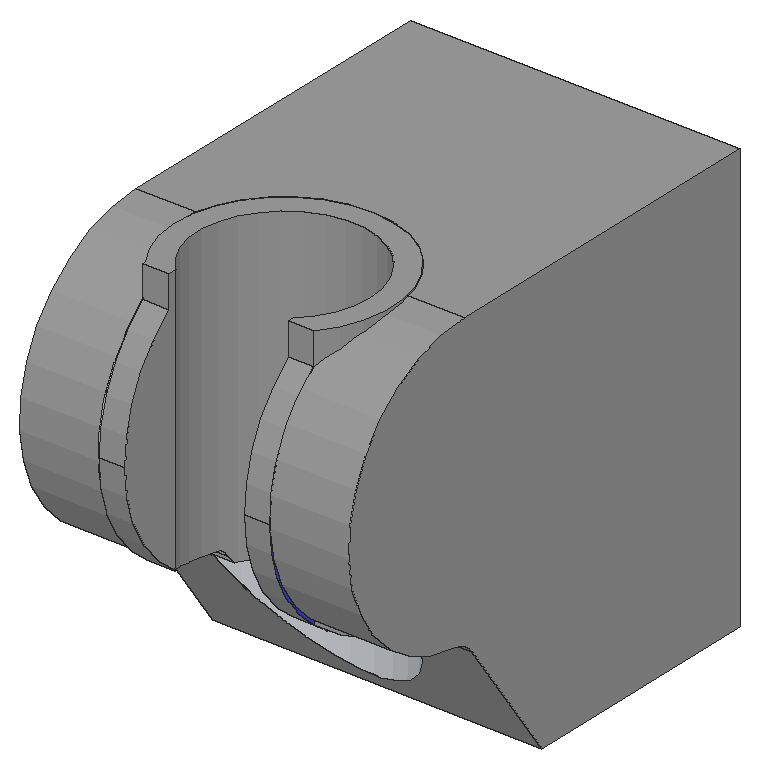
Revit family "SOPORTE MOVIL DUCHA ANTIQUE BRONZE", category Plumbing Fixtures, Revit 2019
Family settings
  Round Connector Dimension = Use Diameter
  Part Type = Normal
  OmniClass Number = 23.45.00.00
  OmniClass Title = Sanitary, Laundry, and Cleaning Equipment
  Work Plane-Based = No
  Always vertical = Yes
  Cut with Voids When Loaded = No
  Shared = No
  Room Calculation Point = No
Reference planes
  plane 1 "Center (Front/Back)": y = 0
  plane 2: z = 0
  plane 3 "Center (Left/Right)": x = 0
Forms (mm)
  Extrusion 1, solid
    sketch origin (0, 0, 0) x (0, 1, 0) y (0, 0, 1)
      loop
        line (-19, 0) -> (-19, 56) -> (-64, 56)
        arc (-64, 56) -> (-82.979, 37.899) -> (-65.797, 18.085) r 19
        arc (-65.797, 18.085) -> (-64.143, 17.553) -> (-62.864, 16.377) r 4.048
        line (-62.864, 16.377) -> (-51.396, 0) -> (-19, 0)
    from 0 to 43
  Extrusion 2, void
    sketch origin (0, 0, 0) x (1, 0, 0) y (0, 1, 0)
      loop
        line (32.715, -84.78) -> (32.715, -75.823)
        arc (32.715, -75.823) -> (22.012, -52.671) -> (10.285, -75.321) r 14.2
        line (10.285, -75.321) -> (10.285, -84.78) -> (32.715, -84.78)
    from 0 to 56
  Extrusion 3, solid
    sketch origin (0, 0, 0) x (1, 0, 0) y (0, 1, 0)
      loop
        line (10.298, -75.305) -> (10.298, -83) -> (13.716, -83) -> (13.716, -74.7)
        arc (13.716, -74.7) -> (21.9, -55.671) -> (29.423, -74.971) r 11.193
        line (29.423, -74.971) -> (29.423, -83) -> (32.715, -83) -> (32.715, -75.822)
        arc (32.715, -75.822) -> (22.034, -52.673) -> (10.298, -75.305) r 14.193
    from 15.504 to 56
  Extrusion 4, void
    sketch origin (0, 0, 0) x (0, 1, 0) y (0, 0, 1)
      loop
        line (-83, 15.504) -> (-62.256, 15.504) -> (-62.864, 16.377)
        arc (-62.864, 16.377) -> (-63.378, 16.979) -> (-64, 17.467) r 3.998
        arc (-64, 17.467) -> (-77.435, 23.032) -> (-83, 36.467) r 19
        line (-83, 36.467) -> (-83, 15.504)
    from 0 to 43
  Extrusion 5, void
    sketch origin (0, 0, 0) x (0, 1, 0) y (0, 0, 1)
      loop
        line (-75.802, 51.865) -> (-75.802, 56) -> (-83, 56) -> (-83, 36.467)
        arc (-83, 36.467) -> (-81.112, 44.966) -> (-75.802, 51.865) r 20.07
    from 10.285 to 32.715
Cuts and joins
  Extrusion 2 cuts Extrusion 1
  Extrusion 4, Extrusion 5 cuts Extrusion 3
Dimensions and locks
  aligned and locked: level to plane 2
